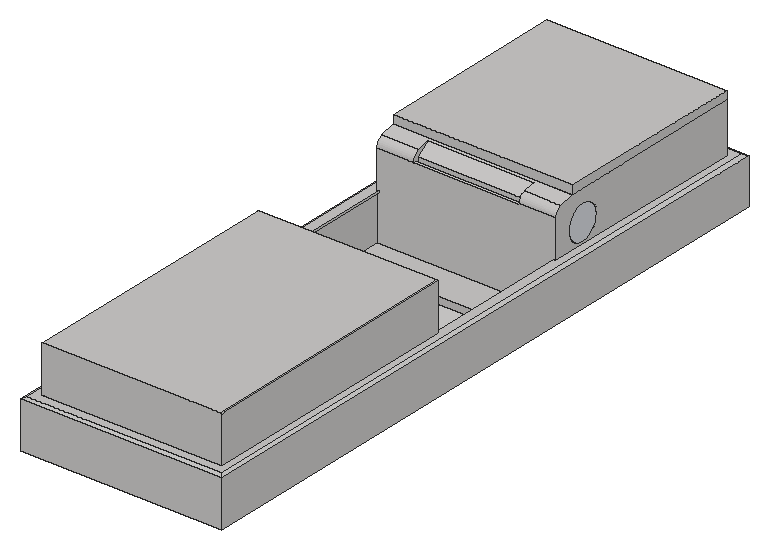
Revit family "Paper_Towel_Dispenser_Bobrick_B-39617", category Generic Models, host Face, Revit 2016
Family settings
  Host = Face
  Part Type = Normal
  Can host rebar = No
  Round Connector Dimension = Use Diameter
  OmniClass Number = 23.40.20.21.34
  OmniClass Title = Soap Holders, Dispensers
  Cut with Voids When Loaded = Yes
  Shared = Yes
  Room Calculation Point = No
Parameters (values of type "B-39617")
  Width = 9 1/16"  # constant formula
  Warranty Documentation Link = "https://www.bobrick.com/wp-content/uploads/product_warranties-6.pdf"
  URL = "http://www.bobrick.com/"
  Product Page URL = "https://www.bobrick.com/washroom-accessories-catalog/product/b-39617/"
  Product Documentation Link = "https://www.bobrick.com/wp-content/uploads/B-39617_td.pdf"
  Model = "B-39617"
  Material = Metal_Bobrick_Stainless-Steel
  Manufacturer = "Bobrick"  # constant formula
  Length = 17 3/16"  # constant formula
  Installation Type = "Surface Mounted"  # constant formula
  Height = 56"  # constant formula
  Description = "B-39617 ClassicSeries Recessed Convertible Paper Towel Dispenser/Waste Receptacle"
  Default Elevation = 40"
  Creation Date = "3/04/20"  # constant formula
  Assembly Code = "E2020200"
Reference planes (in)
  plane 1 "Center (Front/Back)": y = 0
  plane 2: z = 0
  plane 3 "Center (Left/Right)": x = 0
  plane 4: y = 28
  plane 5: y = -28
  plane 6: z = -3.9375
  plane 7: z = 0.125
  plane 8: z = 5.125
  plane 9: y = 26.875
  plane 10: y = 8.75
  plane 11: x = -4.5
  plane 12: x = 4.5
  plane 13: y = -26.875
  plane 14: y = -3.875
  plane 15: z = 4.125
  plane 16: x = 8.59375
  plane 17: x = -8.59375
Forms (in)
  Sweep 1, solid, material "Metal_Bobrick_Stainless-Steel" <- "Material"
    path origin (0, 0, 0) x (1, 0, 0) y (0, 1, 0)
      loop
        line (-8.59375, 28) -> (-8.59375, -28) -> (8.59375, -28) -> (8.59375, 28) -> (-8.59375, 28)
    profile origin (0, 28, 0) x (0, 1, 0) y (0, 0, 1)
      loop
        line (0, 0) -> (-0.33007, 0.125) -> (-1.125, 0.125) -> (-1.125, 0) -> (0, 0)
  Extrusion 2, solid, material "Metal_Bobrick_Stainless-Steel" <- "Material"
    sketch origin (0, 0, 0) x (1, 0, 0) y (0, 1, 0)
      loop
        line (-8.59375, 28) -> (-8.59375, -28) -> (8.59375, -28) -> (8.59375, 28) -> (-8.59375, 28)
      loop
        line (7.625, -26.875) -> (7.625, 26.875) -> (-7.625, 26.875) -> (-7.625, -26.875) -> (7.625, -26.875)
    from -3.9375 to 0
  Extrusion 3, void
    sketch origin (0, 0, 0) x (1, 0, 0) y (0, 1, 0)
      loop
        line (-8.59375, 28) -> (-8.59375, -28) -> (8.59375, -28) -> (8.59375, 28) -> (-8.59375, 28)
    from -4.125 to 12
  Extrusion 4, solid, material "Metal_Bobrick_Stainless-Steel" <- "Material"
    sketch origin (0, 0, 0) x (0, 1, 0) y (0, 0, 1)
      loop
        line (26.875, -3.9375) -> (26.875, 4.375) -> (10.5, 4.375) -> (9.30589, 4.05504)
        arc (9.30589, 4.05504) -> (8.90498, 3.78716) -> (8.75, 3.33059) r 0.75
        line (8.75, 3.33059) -> (8.75, -3.9375) -> (26.875, -3.9375)
    from -7.625 to 7.625
  Extrusion 5, void
    sketch origin (0, 0, 0) x (0, 1, 0) y (0, 0, 1)
      loop
        line (10.23577, 4.3042) -> (9.9897, 4.65564) -> (8.18789, 4.37026) -> (8.18789, 2.87026) -> (10.23577, 4.3042)
    from -4.50856 to 4.5
  Extrusion 6, void
    sketch origin (0, 0, 0) x (1, 0, 0) y (0, 1, 0)
      loop
        line (-4.50856, 9.17063) -> (-4.50856, 8.90578) -> (4.5, 8.90578) -> (4.5, 9.17063) -> (-4.50856, 9.17063)
    from -4.125 to 5.125
  Extrusion 7, solid, material "Metal_Bobrick_Stainless-Steel" <- "Material"
    sketch origin (0, 0, -1) x (1, 0, 0) y (0, 0, 1)
      loop
        line (7.625, -2.9375) -> (7.625, 5.06764)
        arc (7.625, 5.06764) -> (7.6082, 5.1082) -> (7.56764, 5.125) r 0.05736
        line (7.56764, 5.125) -> (-7.56764, 5.125)
        arc (-7.56764, 5.125) -> (-7.6082, 5.1082) -> (-7.625, 5.06764) r 0.05736
        line (-7.625, 5.06764) -> (-7.625, -2.9375) -> (-7.5625, -2.9375) -> (-7.5625, 5.0625) -> (7.5625, 5.0625) -> (7.5625, -2.9375) -> (7.625, -2.9375)
    from 3.875 to 26.875
  Extrusion 8, solid, material "Metal_Bobrick_Stainless-Steel" <- "Material"
    sketch origin (0, 0, 0) x (1, 0, 0) y (0, 1, 0)
      loop
        line (-7.625, 26.875) -> (-7.625, -26.875) -> (7.625, -26.875) -> (7.625, 26.875) -> (-7.625, 26.875)
    from -3.9375 to -3.86773
  Extrusion 9, solid, material "Metal_Bobrick_Stainless-Steel" <- "Material"
    sketch origin (0, 0, 0) x (0, 1, 0) y (0, 0, 1)
      loop
        line (5.5, -3.86773) -> (5.63313, -3.86773) -> (2.00641, -1.93937) -> (-4.24954, -3.86773) -> (-4.03737, -3.86773) -> (2, -2.00675) -> (5.5, -3.86773)
    from -7.625 to 7.625
  Extrusion 10, void
    sketch origin (0, 0, 0) x (0, 1, 0) y (0, 0, 1)
      loop
        circle (11.56048, 1.7814) r 1.5
    from -8.96944 to 8.9903
  Extrusion 11, solid
    sketch origin (0, 0, 0) x (0, 1, 0) y (0, 0, 1)
      loop
        circle (11.56048, 1.7814) r 1.46875
    from -7.625 to 7.625
  Extrusion 12, solid, material "Metal_Bobrick_Stainless-Steel" <- "Material"
    sketch origin (0, 0, 0) x (1, 0, 0) y (0, 0, 1)
      loop
        line (-7.5625, 4.0625) -> (-7.5625, -3.86773) -> (7.5625, -3.86773) -> (7.5625, 4.0625) -> (-7.5625, 4.0625)
    from 26.82157 to 26.875
  Extrusion 13, solid, material "Metal_Bobrick_Stainless-Steel" <- "Material"
    sketch origin (0, 0, 0) x (0, 1, 0) y (0, 0, 1)
      loop
        line (10.5, 4.375) -> (26.875, 4.375) -> (26.875, 5.125) -> (10.5, 5.125) -> (10.5, 4.375)
    from -7.625 to 7.625
  Extrusion 14, void
    sketch origin (0, 0, 0) x (1, 0, 0) y (0, 1, 0)
      loop
        line (-8.26368, 27.66993) -> (-8.26368, -27.66993) -> (8.26368, -27.66993) -> (8.26368, 27.66993) -> (-8.26368, 27.66993)
    from -3.9375 to 4.125
Cuts and joins
  Extrusion 6 cuts Sweep 1
  Extrusion 6 cuts Extrusion 2
  Extrusion 5, Extrusion 6, Extrusion 10 cuts Extrusion 4
  joined: Sweep 1, Extrusion 2, Extrusion 4, Extrusion 8
  joined: Extrusion 7, Extrusion 12
Dimensions and locks (in)
  host face to plane 6 = 3 15/16"
  plane 13 to plane 14 = 23"
  plane 15 to plane 6 = 8 1/16"
  plane 5 to plane 4 = 56"
  plane 10 to plane 9 = 18 1/8"
  plane 9 to plane 10 = 18 1/8"
  plane 8 to host face = 5 1/8"  (x2)
  "Height": plane 4 to plane 5
  "Length": plane 17 to plane 16
  "Width": plane 8 to plane 6
  level to plane 6 = 3 15/16"
  locked: cut or joined group of Sweep 1, Extrusion 2, Extrusion 4, Extrusion 5, Extrusion 6, Extrusion 8, Extrusion 10 to cut or joined group of Sweep 1, Extrusion 2, Extrusion 4, Extrusion 5, Extrusion 6, Extrusion 8, Extrusion 10 at 0.06977
  aligned and locked: plane 2 to host face
  aligned and locked: level to host face
  aligned and locked: Extrusion 2 to plane 6
  aligned and locked: plane 6 to Extrusion 8
  aligned and locked: Extrusion 8 to Extrusion 9
  aligned and locked: Extrusion 14 sketch curve to cut or joined group of Sweep 1, Extrusion 2, Extrusion 4, Extrusion 5, Extrusion 6, Extrusion 8, Extrusion 10  (x4)
  aligned and locked: Extrusion 14 to plane 6
  aligned and locked: plane 15 to Extrusion 14
Automatic sketch dimensions
  host sketch curve to host sketch curve = 96"  (x2)
  plane 5 to Sweep 1 sketch curve = 0"
  Sweep 1 sketch curve to plane 17 = 0"
  Sweep 1 sketch curve to plane 16 = 0"
  Sweep 1 sketch curve to plane 4 = 0"
  Sweep 1 sketch curve to level = 0"
  Sweep 1 sketch curve to profile plane = 0"
  level to Sweep 1 sketch curve = 1/8"
  profile plane to Sweep 1 sketch curve = 0.33007"
  Sweep 1 sketch curve to Sweep 1 sketch curve = 0.79493"
  plane 5 to Extrusion 2 sketch curve = 0"
  Extrusion 2 sketch curve to plane 17 = 0"
  Extrusion 2 sketch curve to plane 9 = 0"
  plane 13 to Extrusion 2 sketch curve = 0"
  Extrusion 2 sketch curve to plane 16 = 0"
  Extrusion 2 sketch curve to plane 4 = 0"
  Extrusion 2 sketch curve to plane 17 = 31/32"
  Extrusion 2 sketch curve to plane 16 = 31/32"
  plane 5 to Extrusion 3 sketch curve = 0"
  Extrusion 3 sketch curve to plane 17 = 0"
  Extrusion 3 sketch curve to plane 16 = 0"
  Extrusion 3 sketch curve to plane 4 = 0"
  Extrusion 4 sketch curve to plane 10 = 0"
  Extrusion 4 sketch curve to plane 6 = 0"
  Extrusion 4 sketch curve to plane 9 = 0"
  Extrusion 4 sketch curve to plane 15 = 0.06996"
  Extrusion 4 sketch curve to plane 10 = 0.55589"
  Extrusion 4 sketch curve to Extrusion 4 sketch curve = 3/4"
  plane 15 to Extrusion 4 sketch curve = 1/4"
  Extrusion 4 sketch curve to Extrusion 4 sketch curve = 1.19411"
  plane 10 to Extrusion 5 sketch curve = 0.56211"
  Extrusion 5 sketch curve to plane 8 = 0.46936"
  Extrusion 5 sketch curve to plane 10 = 1.2397"
  plane 15 to Extrusion 5 sketch curve = 0.1792"
  Extrusion 5 sketch curve to Extrusion 5 sketch curve = 63/256"
  plane 15 to Extrusion 5 sketch curve = 0.24526"
  Extrusion 6 sketch curve to plane 12 = 0"
  Extrusion 6 sketch curve to plane 11 = 0.00856"
  Extrusion 6 sketch curve to plane 10 = 0.15578"
  Extrusion 6 sketch curve to Extrusion 6 sketch curve = 0.26485"
  Extrusion 7 sketch curve to plane 6 = 0"  (x2)
  Extrusion 7 sketch curve to plane 15 = 0"
  Extrusion 7 sketch curve to plane 17 = 31/32"
  Extrusion 7 sketch curve to Extrusion 7 sketch curve = 0.05736"
  Extrusion 7 sketch curve to Extrusion 7 sketch curve = 1/16"  (x2)
  Extrusion 7 sketch curve to plane 15 = 1/16"
  Extrusion 7 sketch curve to plane 16 = 1 1/32"
  Extrusion 7 sketch curve to Extrusion 7 sketch curve = 0.00514"
  plane 13 to Extrusion 8 sketch curve = 0"
  Extrusion 8 sketch curve to plane 9 = 0"
  Extrusion 8 sketch curve to plane 17 = 31/32"
  Extrusion 8 sketch curve to plane 16 = 31/32"
  plane 6 to Extrusion 9 sketch curve = 0.06977"  (x3)
  Extrusion 9 sketch curve to plane 14 = 0.16237"
  Extrusion 9 sketch curve to plane 1 "Center (Front/Back)" = 2"
  Extrusion 9 sketch curve to Extrusion 9 sketch curve = 0.00641"
  plane 10 to Extrusion 9 sketch curve = 3 1/4"
  Extrusion 9 sketch curve to Extrusion 9 sketch curve = 0.13313"
  plane 6 to Extrusion 9 sketch curve = 1.93075"
  Extrusion 9 sketch curve to Extrusion 9 sketch curve = 0.06738"
  Extrusion 9 sketch curve to Extrusion 9 sketch curve = 0.21218"
  Extrusion 10 sketch curve to plane 10 = 2.81048"
  plane 7 to Extrusion 10 sketch curve = 1.6564"
  Extrusion 11 sketch curve to plane 10 = 2.81048"
  plane 7 to Extrusion 11 sketch curve = 1.6564"
  plane 6 to Extrusion 12 sketch curve = 0.06977"
  Extrusion 12 sketch curve to plane 17 = 1 1/32"
  Extrusion 12 sketch curve to plane 16 = 1 1/32"
  Extrusion 12 sketch curve to plane 15 = 1/16"
  Extrusion 13 sketch curve to plane 8 = 0"
  Extrusion 13 sketch curve to plane 9 = 0"
  plane 15 to Extrusion 13 sketch curve = 1/4"
  Extrusion 13 sketch curve to plane 10 = 1 3/4"
  radius of Extrusion 10 sketch curve = 1 1/2"
  radius of Extrusion 11 sketch curve = 1 15/32"
